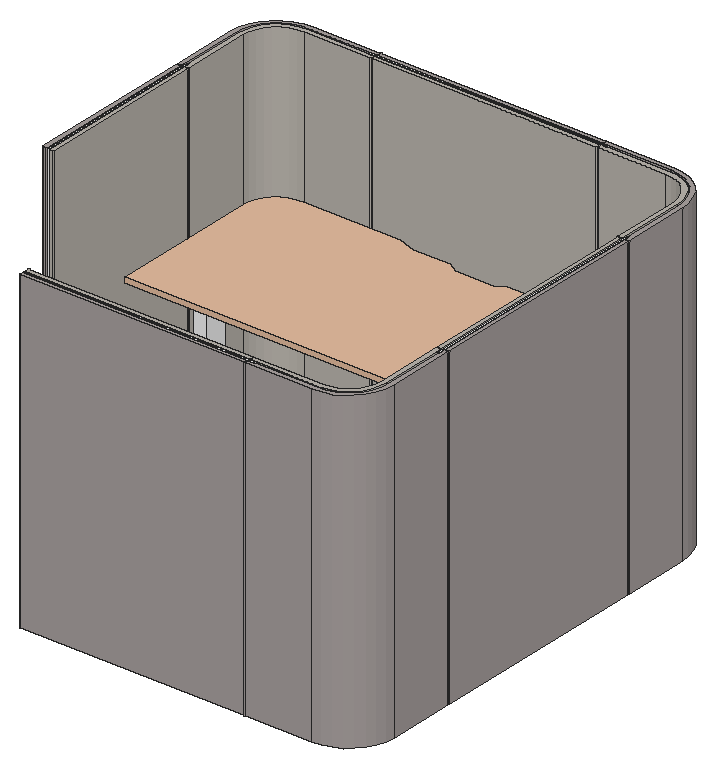
Revit family "NBS_Senator_MeetingPods_SoloExecLeftHand", category Furniture, Revit 2018
Family settings
  Work Plane-Based = No
  Always vertical = Yes
  Cut with Voids When Loaded = No
  Shared = No
  Room Calculation Point = No
Parameters (values of type "PDSE14L")
  WarrantyStartDate [instance] = "1900-12-31T23:59:59"
  WarrantyGuarantorParts = "contactus@thesenatorgroup.com"
  WarrantyGuarantorLabor = "n/a"
  WarrantyDurationUnit = "year"
  WarrantyDurationParts = "10"
  WarrantyDurationLabor = "n/a"
  WarrantyDescription = "Senator warrants that its manufactured products are free from manufacturing defects - in materials or workmanship - for a period of ten (10) years on Senator Seating ranges; and fifteen (15) years on Senator Desking ranges - exceptions are listed below. Senator will repair or replace (at Senator’s sole discretion) with comparable free of charge materials / components, any product / component, which fails under normal use in a single shift environment, as a result of a defect in the materials and / or workmanship"
  Version = "1"  # constant formula
  Uniclass2015Version = "Products v1.16"
  Uniclass2015Title = "Meeting Pods"
  Uniclass2015Code = "Pr_40_50_12_53"
  TagNumber [instance] = "n/a"
  SustainabilityPerformance = "99% recyclable"
  Style = "Pods"
  StorageTopMaterial = NBS_Senator_VirginWool_Wellington
  StorageMaterial = NBS_Senator_Wood_HighlandOak
  StorageDrawersMaterial = NBS_Senator_Wood_White
  Status = "UNSET"
  StaticWorksurfacePDSETL [instance] = yes
  Size = "2000 x 2000 x 1400 mm"
  Shape = "n/a"
  SerialNumber [instance] = "n/a"
  SeatWidth = "n/a"
  SeatDepth = "n/a"
  Revision = "n/a"
  ReplacementCost = "n/a"
  Reference = "n/a"
  ProductInformation = "n/a"
  PodWidth = 2000 mm
  PodHeight = 1400 mm
  PodDepth = 2000 mm
  InnerPanelMaterial = NBS_Senator_VirginWool_Fairfield
  OuterPanelMaterial = NBS_Senator_VirginWool_StAndrews
  NominalWidth = 1400 mm
  NominalLength = 2000 mm
  NominalHeight = 1400 mm
  NominalDepth = 2000 mm
  Name = "MeetingPods_SoloExecLeftHand_PDSE14L_Senator"
  NBSReference = "45-35-20/342"
  NBSDescription = "Meeting pods"
  NBSCertification = "www.nationalbimlibrary.com/cert/cqcncig3"
  ModelReference = "Pods-SoloExecLeftHand_PDSE14L"
  ModelNumber = "PDSE14L"
  Material = "Fabric, metal, plastic"
  ManufacturerURL = "www.senator.co.uk"
  ManufacturerName = "The Senator Group"  # constant formula
  Manufacturer = "sales@senator.co.uk"  # constant formula
  MainColor = "n/a"
  IsBuiltIn = no
  InstallationDate [instance] = "1900-12-31T23:59:59"
  MiddlePanelMaterial = NBS_Senator_Aluminium_Rigid_Silver
  IfcExportType = "USERDEFINED"  # constant formula
  IfcExportAs = "IfcFurnitureType"  # constant formula
  Grade = "n/a"
  FramesColour = "Black, white"
  FinishOptions = "Carini walnut, mocha, autumn, strata oak, maple, highland oak, beech, winter oak, hacienda white, white, light grey, denim, clay, lemon sorbet"
  Finish = "Outer vertical panels upholstered in camira, blazer fabric Two tone is standard"
  Features = "Internal frame with multi-layered acoustic foam, levelling adjusters, blazer fabric, outer vertical panels"
  FabricFinishOptions = "Plymouth, fairfield, latymer, lancaster, silcoates, silverdale, st andrews, trevelyan, ulster, wellington, wesley, manchester,"
  ExpectedLife = "10"
  ElectricHeightAdjustableWorksurfacePDSEAETL [instance] = not(StaticWorksurfacePDSETL)  # no
  DurationUnit = "year"
  DeskWidth = PodWidth - 105 mm  # 1895 mm
  DeskThickness = 0 mm
  DeskMaterial = NBS_Senator_Wood_HighlandOak_2
  DeskDepth = 800 mm
  Description = "arger single person workspace comprising seven mid height upholstered panels"
  Constituents = "n/a"
  Color = "n/a"
  CodePerformance = "n/a"
  Category = "Pr_40_50_12_53:Meeting pods"
  BarCode [instance] = "n/a"
  BIMObjectName = "NBS_Senator_MeetingPods_SoloExecLeftHand_PDSE14L"
  Author = "NBS"  # constant formula
  AssetType = "Fixed"
  AssetIdentifier [instance] = "n/a"
  Accessories = "Monitor arms, PU desk accessories, desk top accessories, CPU holders, electrical accessories, coat hanger, name plate, A2 dry wipe board with hanger, A3 dry wipe board with hanger"
  AccessibilityPerformance = "n/a"
Types (3, lengths in mm): name | Size | PodHeight | NominalWidth | NominalHeight | Name | ModelReference | ModelNumber | BIMObjectName
  (no name) | "2000 x 2000 x 1400 mm" | 1400 | 1400 | 1400 | "MeetingPods_SoloExecLeftHand_PDSE14L_Senator" | "Pods-SoloExecLeftHand_PDSE14L" | "PDSE14L" | "NBS_Senator_MeetingPods_SoloExecLeftHand_PDSE14L"
  PDSE14L | "2000 x 2000 x 1400 mm" | 1400 | 1400 | 1400 | "MeetingPods_SoloExecLeftHand_PDSE14L_Senator" | "Pods-SoloExecLeftHand_PDSE14L" | "PDSE14L" | "NBS_Senator_MeetingPods_SoloExecLeftHand_PDSE14L"
  PDSE18L | "2000 x 2000 x 1800 mm" | 1800 | 1800 | 1800 | "MeetingPods_SoloExecLeftHand_PDSE18L_Senator" | "Pods-SoloExecLeftHand_PDSE18L" | "PDSE18L" | "NBS_Senator_MeetingPods_SoloExecLeftHand_PDSE18L"
Reference planes
  plane 1 "Center (Front/Back)": y = 0
  plane 2 "Bottom": z = 0
  plane 3 "Center (Left/Right)": x = 0
  plane 4 "Right": x = 1000
  plane 5 "Left": x = -1000
  plane 6 "Back": y = 1000
  plane 7 "Front": y = -1000
  plane 8 "Top": z = 1400
  plane 9: y = -950
  plane 10: x = -950
  plane 11: x = 950
  plane 12: y = 950
  plane 13: y = -970
  plane 14: y = -980
  plane 15: x = 980
  plane 16: x = 970
  plane 17: y = 980
  plane 18: y = 970
  plane 19: x = -980
  plane 20: x = -970
  plane 21: x = -947.791
  plane 22: x = 947.208
  plane 23: x = 524.669
  plane 24: x = -497.703
  plane 25: y = -524.223
  plane 26: y = 524.223
  plane 27: x = 525.723
  plane 28: x = -525.723
  plane 29: y = 525.044
  plane 30: y = -247.356
  plane 31: y = 499.943
  plane 32: y = 498.943
  plane 33: x = -499.65
  plane 34: x = -500.65
  plane 35: x = 500.65
  plane 36: x = 499.65
  plane 37: y = 499.15
  plane 38: y = 498.15
  plane 39: y = -498.15
  plane 40: y = -499.15
  plane 41: x = 499.596
  plane 42: x = 498.596
  plane 43: y = 920.31
  plane 44: y = 895.865
  plane 45: z = 730
  plane 46: z = 705
  plane 47: y = 144.502
  plane 48: z = 617
  plane 49: z = 555
  plane 50: y = 118.551
  plane 51: y = -946.268
  plane 52 "Storage Front": x = 502.703
  plane 53: x = 942.703
  plane 54: y = 723.551
  plane 55: z = 43.16
  plane 56: z = 635.772
  plane 57: y = 547.251
Forms (mm)
  Extrusion 1, solid, material "NBS_Senator_Aluminium_Rigid_Silver" <- "MiddlePanelMaterial", detail levels medium+fine
    sketch origin (0, 0, 0) x (1, 0, 0) y (0, 1, 0)
      loop
        arc (-492.6, -970) -> (-497.6, -975) -> (-492.6, -980) r 5
        line (-492.6, -980) -> (524.669, -980) -> (524.669, -970) -> (-492.6, -970)
      loop
        line (970, 524.223) -> (970, -524.223) -> (980, -524.223) -> (980, 524.223) -> (970, 524.223)
      loop
        line (-525.723, 980) -> (-525.723, 970) -> (525.723, 970) -> (525.723, 980) -> (-525.723, 980)
      loop
        line (-980, 525.044) -> (-980, -242.328)
        arc (-980, -242.328) -> (-975, -247.328) -> (-970, -242.328) r 5
        line (-970, -242.328) -> (-970, 525.044) -> (-980, 525.044)
    from 0 to 1400
  Extrusion 2, solid, material "NBS_Senator_VirginWool_StAndrews" <- "OuterPanelMaterial", detail levels medium+fine
    sketch origin (0, 0, 0) x (1, 0, 0) y (0, 1, 0)
      loop
        arc (-494.65, 1000) -> (-498.185, 998.536) -> (-499.65, 995) r 5
        line (-499.65, 995) -> (-499.65, 985)
        arc (-499.65, 985) -> (-498.185, 981.464) -> (-494.65, 980) r 5
        line (-494.65, 980) -> (494.65, 980)
        arc (494.65, 980) -> (498.185, 981.464) -> (499.65, 985) r 5
        line (499.65, 985) -> (499.65, 995)
        arc (499.65, 995) -> (498.185, 998.536) -> (494.65, 1000) r 5
        line (494.65, 1000) -> (-494.65, 1000)
    from 0 to 1400
  Extrusion 3, solid, material "NBS_Senator_VirginWool_Fairfield" <- "InnerPanelMaterial", detail levels medium+fine
    sketch origin (0, 0, 0) x (1, 0, 0) y (0, 1, 0)
      loop
        arc (-494.65, 970) -> (-498.185, 968.536) -> (-499.65, 965) r 5
        line (-499.65, 965) -> (-499.65, 955)
        arc (-499.65, 955) -> (-498.185, 951.464) -> (-494.65, 950) r 5
        line (-494.65, 950) -> (494.65, 950)
        arc (494.65, 950) -> (498.185, 951.464) -> (499.65, 955) r 5
        line (499.65, 955) -> (499.65, 965)
        arc (499.65, 965) -> (498.185, 968.536) -> (494.65, 970) r 5
        line (494.65, 970) -> (-494.65, 970)
    from 0 to 1400
  Extrusion 4, solid, material "NBS_Senator_VirginWool_Fairfield" <- "InnerPanelMaterial", detail levels medium+fine
    sketch origin (0, 0, 0) x (1, 0, 0) y (0, 1, 0)
      loop
        arc (-965, 498.943) -> (-968.536, 497.479) -> (-970, 493.943) r 5
        line (-970, 493.943) -> (-970, -242.356)
        arc (-970, -242.356) -> (-968.536, -245.892) -> (-965, -247.356) r 5
        line (-965, -247.356) -> (-955, -247.356)
        arc (-955, -247.356) -> (-951.464, -245.892) -> (-950, -242.356) r 5
        line (-950, -242.356) -> (-950, 493.943)
        arc (-950, 493.943) -> (-951.464, 497.479) -> (-955, 498.943) r 5
        line (-955, 498.943) -> (-965, 498.943)
    from 0 to 1400
  Extrusion 5, solid, material "NBS_Senator_VirginWool_Fairfield" <- "InnerPanelMaterial", detail levels medium+fine
    sketch origin (0, 0, 0) x (1, 0, 0) y (0, 1, 0)
      loop
        line (-505.65, 970) -> (-805, 970)
        arc (-805, 970) -> (-921.673, 921.673) -> (-970, 805) r 165
        line (-970, 805) -> (-970, 504.943)
        arc (-970, 504.943) -> (-968.536, 501.408) -> (-965, 499.943) r 5
        line (-965, 499.943) -> (-955, 499.943)
        arc (-955, 499.943) -> (-951.464, 501.408) -> (-950, 504.943) r 5
        line (-950, 504.943) -> (-950, 800)
        arc (-950, 800) -> (-906.066, 906.066) -> (-800, 950) r 150
        line (-800, 950) -> (-505.65, 950)
        arc (-505.65, 950) -> (-502.114, 951.464) -> (-500.65, 955) r 5
        line (-500.65, 955) -> (-500.65, 965)
        arc (-500.65, 965) -> (-502.114, 968.536) -> (-505.65, 970) r 5
    from 0 to 1400
  Extrusion 6, solid, material "NBS_Senator_VirginWool_Fairfield" <- "InnerPanelMaterial", detail levels medium+fine
    sketch origin (0, 0, 0) x (1, 0, 0) y (0, 1, 0)
      loop
        line (955, 499.15) -> (965, 499.15)
        arc (965, 499.15) -> (968.536, 500.614) -> (970, 504.15) r 5
        line (970, 504.15) -> (970, 805)
        arc (970, 805) -> (921.673, 921.673) -> (805, 970) r 165
        line (805, 970) -> (505.65, 970)
        arc (505.65, 970) -> (502.114, 968.536) -> (500.65, 965) r 5
        line (500.65, 965) -> (500.65, 955)
        arc (500.65, 955) -> (502.114, 951.464) -> (505.65, 950) r 5
        line (505.65, 950) -> (800, 950)
        arc (800, 950) -> (906.066, 906.066) -> (950, 800) r 150
        line (950, 800) -> (950, 504.15)
        arc (950, 504.15) -> (951.464, 500.614) -> (955, 499.15) r 5
    from 0 to 1400
  Extrusion 7, solid, material "NBS_Senator_VirginWool_Fairfield" <- "InnerPanelMaterial", detail levels medium+fine
    sketch origin (0, 0, 0) x (1, 0, 0) y (0, 1, 0)
      loop
        arc (955, 498.15) -> (951.464, 496.685) -> (950, 493.15) r 5
        line (950, 493.15) -> (950, -493.15)
        arc (950, -493.15) -> (951.464, -496.686) -> (955, -498.15) r 5
        line (955, -498.15) -> (965, -498.15)
        arc (965, -498.15) -> (968.536, -496.686) -> (970, -493.15) r 5
        line (970, -493.15) -> (970, 493.15)
        arc (970, 493.15) -> (968.536, 496.685) -> (965, 498.15) r 5
        line (965, 498.15) -> (955, 498.15)
    from 0 to 1400
  Extrusion 8, solid, material "NBS_Senator_VirginWool_Fairfield" <- "InnerPanelMaterial", detail levels medium+fine
    sketch origin (0, 0, 0) x (1, 0, 0) y (0, 1, 0)
      loop
        arc (504.596, -950) -> (501.061, -951.464) -> (499.596, -955) r 5
        line (499.596, -955) -> (499.596, -965)
        arc (499.596, -965) -> (501.061, -968.536) -> (504.596, -970) r 5
        line (504.596, -970) -> (805, -970)
        arc (805, -970) -> (921.673, -921.673) -> (970, -805) r 165
        line (970, -805) -> (970, -504.15)
        arc (970, -504.15) -> (968.536, -500.615) -> (965, -499.15) r 5
        line (965, -499.15) -> (955, -499.15)
        arc (955, -499.15) -> (951.464, -500.615) -> (950, -504.15) r 5
        line (950, -504.15) -> (950, -800)
        arc (950, -800) -> (906.066, -906.066) -> (800, -950) r 150
        line (800, -950) -> (504.596, -950)
    from 0 to 1400
  Extrusion 9, solid, material "NBS_Senator_VirginWool_StAndrews" <- "OuterPanelMaterial", detail levels medium+fine
    sketch origin (-30, 0, 0) x (1, 0, 0) y (0, 1, 0)
      loop
        arc (-965, 498.943) -> (-968.536, 497.479) -> (-970, 493.943) r 5
        line (-970, 493.943) -> (-970, -242.356)
        arc (-970, -242.356) -> (-968.536, -245.892) -> (-965, -247.356) r 5
        line (-965, -247.356) -> (-955, -247.356)
        arc (-955, -247.356) -> (-951.464, -245.892) -> (-950, -242.356) r 5
        line (-950, -242.356) -> (-950, 493.943)
        arc (-950, 493.943) -> (-951.464, 497.479) -> (-955, 498.943) r 5
        line (-955, 498.943) -> (-965, 498.943)
    from 0 to 1400
  Extrusion 10, solid, material "NBS_Senator_VirginWool_StAndrews" <- "OuterPanelMaterial", detail levels medium+fine
    sketch origin (0, 0, 0) x (1, 0, 0) y (0, 1, 0)
      loop
        line (-995, 499.943) -> (-985, 499.943)
        arc (-985, 499.943) -> (-981.464, 501.408) -> (-980, 504.943) r 5
        line (-980, 504.943) -> (-980, 800)
        arc (-980, 800) -> (-927.279, 927.279) -> (-800, 980) r 180
        line (-800, 980) -> (-505.65, 980)
        arc (-505.65, 980) -> (-502.114, 981.464) -> (-500.65, 985) r 5
        line (-500.65, 985) -> (-500.65, 995)
        arc (-500.65, 995) -> (-502.114, 998.536) -> (-505.65, 1000) r 5
        line (-505.65, 1000) -> (-798, 1000)
        arc (-798, 1000) -> (-940.836, 940.836) -> (-1000, 798) r 202
        line (-1000, 798) -> (-1000, 504.943)
        arc (-1000, 504.943) -> (-998.536, 501.408) -> (-995, 499.943) r 5
    from 0 to 1400
  Extrusion 11, solid, material "NBS_Senator_VirginWool_StAndrews" <- "OuterPanelMaterial", detail levels medium+fine
    sketch origin (0, 0, 0) x (1, 0, 0) y (0, 1, 0)
      loop
        arc (505.65, 1000) -> (502.114, 998.536) -> (500.65, 995) r 5
        line (500.65, 995) -> (500.65, 985)
        arc (500.65, 985) -> (502.114, 981.464) -> (505.65, 980) r 5
        line (505.65, 980) -> (800, 980)
        arc (800, 980) -> (927.279, 927.279) -> (980, 800) r 180
        line (980, 800) -> (980, 504.15)
        arc (980, 504.15) -> (981.464, 500.614) -> (985, 499.15) r 5
        line (985, 499.15) -> (995, 499.15)
        arc (995, 499.15) -> (998.536, 500.614) -> (1000, 504.15) r 5
        line (1000, 504.15) -> (1000, 798)
        arc (1000, 798) -> (940.836, 940.836) -> (798, 1000) r 202
        line (798, 1000) -> (505.65, 1000)
    from 0 to 1400
  Extrusion 12, solid, material "NBS_Senator_VirginWool_StAndrews" <- "OuterPanelMaterial", detail levels medium+fine
    sketch origin (33.932, 0, 0) x (1, 0, 0) y (0, 1, 0)
      loop
        arc (950.275, 498.15) -> (947.3, 496.918) -> (946.068, 493.943) r 4.207
        line (946.068, 493.943) -> (946.068, -493.15)
        arc (946.068, -493.15) -> (947.533, -496.686) -> (951.068, -498.15) r 5
        line (951.068, -498.15) -> (961.068, -498.15)
        arc (961.068, -498.15) -> (964.604, -496.686) -> (966.068, -493.15) r 5
        line (966.068, -493.15) -> (966.068, 493.15)
        arc (966.068, 493.15) -> (964.604, 496.685) -> (961.068, 498.15) r 5
        line (961.068, 498.15) -> (950.275, 498.15)
    from 0 to 1400
  Extrusion 13, solid, material "NBS_Senator_VirginWool_StAndrews" <- "OuterPanelMaterial", detail levels medium+fine
    sketch origin (0, 0, 0) x (1, 0, 0) y (0, 1, 0)
      loop
        arc (985, -499.15) -> (981.464, -500.615) -> (980, -504.15) r 5
        line (980, -504.15) -> (980, -800)
        arc (980, -800) -> (927.279, -927.279) -> (800, -980) r 180
        line (800, -980) -> (504.596, -980)
        arc (504.596, -980) -> (501.061, -981.464) -> (499.596, -985) r 5
        line (499.596, -985) -> (499.596, -995)
        arc (499.596, -995) -> (501.061, -998.536) -> (504.596, -1000) r 5
        line (504.596, -1000) -> (798, -1000)
        arc (798, -1000) -> (940.836, -940.836) -> (1000, -798) r 202
        line (1000, -798) -> (1000, -504.15)
        arc (1000, -504.15) -> (998.536, -500.615) -> (995, -499.15) r 5
        line (995, -499.15) -> (985, -499.15)
    from 0 to 1400
  Extrusion 14, solid, material "NBS_Senator_VirginWool_Fairfield" <- "InnerPanelMaterial", detail levels medium+fine
    sketch origin (0, 0, 0) x (1, 0, 0) y (0, 1, 0)
      loop
        arc (-492.703, -950) -> (-496.239, -951.464) -> (-497.703, -955) r 5
        line (-497.703, -955) -> (-497.703, -965)
        arc (-497.703, -965) -> (-496.239, -968.536) -> (-492.703, -970) r 5
        line (-492.703, -970) -> (493.596, -970)
        arc (493.596, -970) -> (497.132, -968.536) -> (498.596, -965) r 5
        line (498.596, -965) -> (498.596, -955)
        arc (498.596, -955) -> (497.132, -951.464) -> (493.596, -950) r 5
        line (493.596, -950) -> (-492.703, -950)
    from 0 to 1400
  Extrusion 15, solid, material "NBS_Senator_VirginWool_StAndrews" <- "OuterPanelMaterial", detail levels medium+fine
    sketch origin (0, 0, 0) x (1, 0, 0) y (0, 1, 0)
      loop
        arc (-492.703, -980) -> (-496.239, -981.464) -> (-497.703, -985) r 5
        line (-497.703, -985) -> (-497.703, -995)
        arc (-497.703, -995) -> (-496.239, -998.536) -> (-492.703, -1000) r 5
        line (-492.703, -1000) -> (493.596, -1000)
        arc (493.596, -1000) -> (497.132, -998.536) -> (498.596, -995) r 5
        line (498.596, -995) -> (498.596, -985)
        arc (498.596, -985) -> (497.132, -981.464) -> (493.596, -980) r 5
        line (493.596, -980) -> (-492.703, -980)
    from 0 to 1400
  Extrusion 16, solid, material "NBS_Senator_VirginWool_StAndrews" <- "OuterPanelMaterial", detail levels coarse
    sketch origin (0, 0, 0) x (1, 0, 0) y (0, 1, 0)
      loop
        line (-1000, -247.356) -> (-950, -247.356) -> (-950, 800)
        arc (-950, 800) -> (-906.066, 906.066) -> (-800, 950) r 150
        line (-800, 950) -> (800, 950)
        arc (800, 950) -> (906.066, 906.066) -> (950, 800) r 150
        line (950, 800) -> (950, -800)
        arc (950, -800) -> (906.066, -906.066) -> (800, -950) r 150
        line (800, -950) -> (-497.703, -950) -> (-497.703, -1000) -> (798, -1000)
        arc (798, -1000) -> (940.836, -940.836) -> (1000, -798) r 202
        line (1000, -798) -> (1000, 798)
        arc (1000, 798) -> (940.836, 940.836) -> (798, 1000) r 202
        line (798, 1000) -> (-798, 1000)
        arc (-798, 1000) -> (-940.836, 940.836) -> (-1000, 798) r 202
        line (-1000, 798) -> (-1000, -247.356)
    from 0 to 1400
Lines and regions (mm)
  reference lines
    curve 1: line (916.015, 547.251, 730) -> (916.015, 547.251, 635.772)
Dimensions and locks
  "PodWidth": plane 5 "Left" to plane 4 "Right"
  "PodDepth": plane 7 "Front" to plane 6 "Back"
  equal spacing: plane 5 "Left", plane 3 "Center (Left/Right)", plane 4 "Right"
  "PodHeight": plane 8 "Top" to plane 2 "Bottom"
  plane 5 "Left" to plane 19 to plane 20 to plane 10 to plane 21 = 20 mm locked, 10 mm locked, 20 mm locked, 2.209 mm locked
  plane 22 to plane 11 to plane 16 to plane 15 to plane 4 "Right" = 2.792 mm locked, 20 mm locked, 10 mm locked, 20 mm locked
  plane 12 to plane 18 to plane 17 to plane 6 "Back" = 20 mm locked, 10 mm locked, 20 mm locked
  plane 7 "Front" to plane 14 to plane 13 to plane 9 = 20 mm locked, 10 mm locked, 20 mm locked
  plane 45 to plane 2 "Bottom" = 730 mm
  locked: plane 34 to plane 33 at 1
  locked: plane 28 to plane 34 at 25.073
  locked: plane 5 "Left" to plane 33 at 500.35
  locked: plane 36 to plane 35 at 1
  locked: plane 35 to plane 27 at 25.073
  locked: plane 36 to plane 4 "Right" at 500.35
  plane 45 to plane 46 = 25 mm
  equal spacing: plane 12, plane 57, plane 47
  radius of Extrusion 2 sketch curve = 5 mm  (x4)
  radius of Extrusion 3 sketch curve = 5 mm  (x2)
  radius of Extrusion 5 sketch curve = 150 mm
  radius of Extrusion 5 sketch curve = 165 mm
  radius of Extrusion 5 sketch curve = 5 mm  (x2)
  radius of Extrusion 6 sketch curve = 165 mm
  radius of Extrusion 6 sketch curve = 150 mm
  radius of Extrusion 6 sketch curve = 5 mm  (x2)
  radius of Extrusion 10 sketch curve = 180 mm
  radius of Extrusion 10 sketch curve = 202 mm
  radius of Extrusion 10 sketch curve = 5 mm  (x4)
  radius of Extrusion 11 sketch curve = 180 mm
  radius of Extrusion 11 sketch curve = 202 mm
  radius of Extrusion 11 sketch curve = 5 mm  (x4)
  radius of Extrusion 13 sketch curve = 180 mm
  radius of Extrusion 13 sketch curve = 202 mm
  radius of Extrusion 13 sketch curve = 5 mm  (x4)
  radius of Extrusion 14 sketch curve = 5 mm  (x4)
  radius of Extrusion 15 sketch curve = 5 mm  (x4)
  radius of Extrusion 16 sketch curve = 150 mm  (x3)
  radius of Extrusion 16 sketch curve = 202 mm  (x3)
  aligned and locked: level to plane 2 "Bottom"
  aligned and locked: plane 23 to Extrusion 1 sketch curve
  aligned and locked: plane 13 to Extrusion 1 sketch curve
  aligned and locked: Extrusion 1 sketch curve to plane 14
  aligned and locked: plane 25 to Extrusion 1 sketch curve
  aligned and locked: plane 16 to Extrusion 1 sketch curve
  aligned and locked: Extrusion 1 sketch curve to plane 15
  aligned and locked: Extrusion 1 sketch curve to plane 26
  aligned and locked: plane 27 to Extrusion 1 sketch curve
  aligned and locked: plane 17 to Extrusion 1 sketch curve
  aligned and locked: Extrusion 1 sketch curve to plane 18
  aligned and locked: Extrusion 1 sketch curve to plane 28
  aligned and locked: Extrusion 1 sketch curve to plane 20
  aligned and locked: plane 19 to Extrusion 1 sketch curve
  aligned and locked: Extrusion 1 sketch curve to plane 29
  aligned and locked: Extrusion 1 to plane 2 "Bottom"
  aligned and locked: plane 8 "Top" to Extrusion 1
  aligned and locked: plane 36 to Extrusion 2 sketch curve
  aligned and locked: plane 6 "Back" to Extrusion 2 sketch curve
  aligned and locked: Extrusion 2 sketch curve to plane 17
  aligned and locked: Extrusion 2 sketch curve to plane 33
  aligned and locked: Extrusion 3 to plane 36
  aligned and locked: plane 33 to Extrusion 3
  aligned and locked: Extrusion 4 sketch curve to plane 10
  aligned and locked: plane 30 to Extrusion 4 sketch curve
  aligned and locked: plane 20 to Extrusion 4 sketch curve
  aligned and locked: Extrusion 4 sketch curve to plane 32
  aligned and locked: Extrusion 4 to plane 2 "Bottom"
  aligned and locked: plane 8 "Top" to Extrusion 4
  aligned and locked: Extrusion 5 sketch curve to plane 10
  aligned and locked: plane 31 to Extrusion 5 sketch curve
  aligned and locked: plane 20 to Extrusion 5 sketch curve
  aligned and locked: plane 12 to Extrusion 5 sketch curve
  aligned and locked: Extrusion 5 sketch curve to plane 18
  aligned and locked: Extrusion 5 sketch curve to plane 34
  aligned and locked: plane 8 "Top" to Extrusion 5
  aligned and locked: Extrusion 5 to plane 2 "Bottom"
  aligned and locked: Extrusion 2 to plane 2 "Bottom"
  aligned and locked: plane 8 "Top" to Extrusion 2
  aligned and locked: Extrusion 3 sketch curve to plane 12
  aligned and locked: Extrusion 3 to plane 18
  aligned and locked: plane 18 to Extrusion 3 sketch curve
  aligned and locked: Extrusion 3 sketch curve to plane 33
  aligned and locked: plane 36 to Extrusion 3 sketch curve
  aligned and locked: Extrusion 6 sketch curve to plane 35
  aligned and locked: Extrusion 6 sketch curve to plane 12
  aligned and locked: plane 18 to Extrusion 6 sketch curve
  aligned and locked: Extrusion 6 sketch curve to plane 37
  aligned and locked: Extrusion 6 sketch curve to plane 11
  aligned and locked: plane 16 to Extrusion 6 sketch curve
  aligned and locked: Extrusion 6 to plane 2 "Bottom"
  aligned and locked: plane 8 "Top" to Extrusion 6
  aligned and locked: Extrusion 7 sketch curve to plane 38
  aligned and locked: plane 11 to Extrusion 7 sketch curve
  aligned and locked: Extrusion 7 sketch curve to plane 16
  aligned and locked: plane 39 to Extrusion 7 sketch curve
  aligned and locked: Extrusion 7 to plane 2 "Bottom"
  aligned and locked: plane 8 "Top" to Extrusion 7
  aligned and locked: Extrusion 8 sketch curve to plane 40
  aligned and locked: plane 11 to Extrusion 8 sketch curve
  aligned and locked: Extrusion 8 sketch curve to plane 16
  aligned and locked: plane 9 to Extrusion 8 sketch curve
  aligned and locked: Extrusion 8 sketch curve to plane 13
  aligned and locked: Extrusion 8 sketch curve to plane 41
  aligned and locked: Extrusion 8 to plane 2 "Bottom"
  aligned and locked: plane 8 "Top" to Extrusion 8
  aligned and locked: plane 30 to Extrusion 9 sketch curve
  aligned and locked: plane 5 "Left" to Extrusion 9 sketch curve
  aligned and locked: Extrusion 9 sketch curve to plane 19
  aligned and locked: Extrusion 9 sketch curve to plane 32
  aligned and locked: Extrusion 10 sketch curve to plane 31
  aligned and locked: plane 19 to Extrusion 10 sketch curve
  aligned and locked: Extrusion 10 sketch curve to plane 5 "Left"
  aligned and locked: plane 6 "Back" to Extrusion 10 sketch curve
  aligned and locked: Extrusion 10 sketch curve to plane 17
  aligned and locked: plane 34 to Extrusion 10 sketch curve
  aligned and locked: Extrusion 10 to plane 2 "Bottom"
  aligned and locked: plane 8 "Top" to Extrusion 10
  aligned and locked: plane 15 to Extrusion 11 sketch curve
  aligned and locked: plane 37 to Extrusion 11 sketch curve
  aligned and locked: Extrusion 11 sketch curve to plane 4 "Right"
  aligned and locked: Extrusion 11 sketch curve to plane 17
  aligned and locked: Extrusion 11 sketch curve to plane 35
  aligned and locked: plane 6 "Back" to Extrusion 11 sketch curve
  aligned and locked: Extrusion 12 sketch curve to plane 4 "Right"
  aligned and locked: plane 39 to Extrusion 12 sketch curve
  aligned and locked: plane 15 to Extrusion 12 sketch curve
  aligned and locked: Extrusion 12 sketch curve to plane 38
  aligned and locked: plane 8 "Top" to Extrusion 12
  aligned and locked: Extrusion 12 to plane 2 "Bottom"
  aligned and locked: plane 15 to Extrusion 13 sketch curve
  aligned and locked: Extrusion 13 sketch curve to plane 4 "Right"
  aligned and locked: Extrusion 13 sketch curve to plane 40
  aligned and locked: Extrusion 13 sketch curve to plane 41
  aligned and locked: Extrusion 13 sketch curve to plane 7 "Front"
  aligned and locked: plane 14 to Extrusion 13 sketch curve
  aligned and locked: Extrusion 13 to plane 2 "Bottom"
  aligned and locked: plane 8 "Top" to Extrusion 13
  aligned and locked: plane 9 to Extrusion 14 sketch curve
  aligned and locked: plane 24 to Extrusion 14 sketch curve
  aligned and locked: plane 42 to Extrusion 14 sketch curve
  aligned and locked: Extrusion 14 sketch curve to plane 13
  aligned and locked: Extrusion 14 to plane 2 "Bottom"
  aligned and locked: plane 8 "Top" to Extrusion 14
  aligned and locked: plane 14 to Extrusion 15 sketch curve
  aligned and locked: plane 24 to Extrusion 15 sketch curve
  aligned and locked: Extrusion 15 sketch curve to plane 7 "Front"
  aligned and locked: plane 42 to Extrusion 15 sketch curve
  aligned and locked: Extrusion 15 to plane 2 "Bottom"
  aligned and locked: plane 8 "Top" to Extrusion 15
  aligned and locked: plane 8 "Top" to Extrusion 3
  aligned and locked: Extrusion 3 to plane 2 "Bottom"
  aligned and locked: plane 8 "Top" to Extrusion 11
  aligned and locked: Extrusion 11 to plane 2 "Bottom"
  aligned and locked: Extrusion 9 to plane 2 "Bottom"
  aligned and locked: plane 8 "Top" to Extrusion 9
  aligned and locked: plane 24 to Extrusion 16 sketch curve
  aligned and locked: Extrusion 16 sketch curve to plane 7 "Front"
  aligned and locked: plane 9 to Extrusion 16 sketch curve
  aligned and locked: Extrusion 16 sketch curve to plane 4 "Right"
  aligned and locked: plane 11 to Extrusion 16 sketch curve
  aligned and locked: plane 6 "Back" to Extrusion 16 sketch curve
  aligned and locked: Extrusion 16 sketch curve to plane 12
  aligned and locked: Extrusion 16 sketch curve to plane 10
  aligned and locked: plane 5 "Left" to Extrusion 16 sketch curve
  aligned and locked: plane 30 to Extrusion 16 sketch curve
  aligned and locked: Extrusion 16 to plane 2 "Bottom"
  aligned and locked: plane 8 "Top" to Extrusion 16
  aligned and locked: plane 45 to curve 1
  aligned and locked: plane 56 to curve 1
Automatic sketch dimensions
  plane 24 to Extrusion 1 sketch curve = 5.103 mm
  plane 30 to Extrusion 1 sketch curve = 5.028 mm
  plane 6 "Back" to Extrusion 2 sketch curve = 5 mm
  plane 20 to Extrusion 4 sketch curve = 5 mm
  Extrusion 4 sketch curve to Extrusion 4 sketch curve = 5 mm
  Extrusion 4 sketch curve to plane 10 = 5 mm  (x2)
  Extrusion 5 sketch curve to Extrusion 5 sketch curve = 5 mm
  Extrusion 5 sketch curve to plane 10 = 5 mm
  plane 11 to Extrusion 6 sketch curve = 5 mm
  Extrusion 6 sketch curve to Extrusion 6 sketch curve = 5 mm
  plane 11 to Extrusion 7 sketch curve = 5 mm  (x2)
  Extrusion 7 sketch curve to plane 16 = 5 mm
  Extrusion 7 sketch curve to Extrusion 7 sketch curve = 5 mm
  plane 9 to Extrusion 8 sketch curve = 5 mm
  Extrusion 8 sketch curve to plane 13 = 5 mm
  plane 22 to Extrusion 8 sketch curve = 147.208 mm
  Extrusion 8 sketch curve to Extrusion 8 sketch curve = 5 mm  (x2)
  plane 11 to Extrusion 8 sketch curve = 5 mm
  plane 5 "Left" to Extrusion 9 sketch curve = 5 mm
  Extrusion 9 sketch curve to Extrusion 9 sketch curve = 5 mm
  Extrusion 9 sketch curve to plane 19 = 5 mm  (x2)
  Extrusion 12 sketch curve to Extrusion 12 sketch curve = 5 mm
  Extrusion 12 sketch curve to plane 32 = 5 mm
  Extrusion 12 sketch curve to plane 4 "Right" = 5 mm  (x2)
  plane 24 to Extrusion 3 sketch curve = 3.053 mm
  plane 42 to Extrusion 3 sketch curve = 3.946 mm
  plane 53 to curve 1 = 26.688 mm
Nested families
  nested 1: "NBS_Senator_ExecutiveWorksurfaceWithIntegratedStorage" at (0, 0, 0), type "NBS_Senator_ExecutiveWorksurfaceWithIntegratedStorage"
Connectors
  electrical at (916.015, 547.251, 635.772)
    settings: on curve 1, index 1, voltage 0 V, apparent load 0 VA, apparent load phase1 0 VA, apparent load phase2 0 VA, apparent load phase3 0 VA, power factor 1, load classification "Other", number of poles 1, system type 31, power factor state 1, is connector primary yes, connector utility no, sub classification motor no, connector description ""
Definition of nested family "NBS_Senator_ExecutiveWorksurfaceWithIntegratedStorage"
  Parameters (values of type "NBS_Senator_ExecutiveWorksurfaceWithIntegratedStorage")
    WorksurfaceHeight = 729.987 mm
    WorksurfaceDepth = 1890.77 mm
    StorageTopMaterial = none
    StorageMaterial = none
    StorageDrawersMaterial = none
    WorksurfaceWidth = 1895 mm
    DeskStructureMaterial = none
    DeskMaterial = none
  Reference planes
    plane 1 "Center (Front/Back)": y = 0
    plane 2 "Bottom": z = 0
    plane 3 "Center (Left/Right)": x = 0
    plane 4: z = 11.487
    plane 5: z = 50.147
    plane 6: z = 613.237
    plane 7: z = 650.354
    plane 8: z = 657.987
    plane 9: z = 704.987
    plane 10 "Top": z = 729.987
    plane 11: y = 607.644
    plane 12: y = 582.444
    plane 13: y = 471.812
    plane 14: y = 446.612
    plane 15: x = -919.985
    plane 16: x = 916.015
    plane 17: z = 667.207
    plane 18: z = 642.759
    plane 19: x = -619.11
    plane 20: x = -613.11
    plane 21: x = -577.86
    plane 22: x = -571.86
    plane 23: x = 567.89
    plane 24: x = 573.89
    plane 25: x = 609.14
    plane 26: x = 615.14
    plane 27 "Left": x = -947.5
    plane 28 "Right": x = 947.5
    plane 29 "Back": y = 950.563
    plane 30 "Front": y = -940.207
    plane 31 "StorageFace": x = 502.703
    plane 32: z = 555
    plane 33: y = 705.551
    plane 34: y = -20.449
    plane 35: z = 263.982
    plane 36: z = 22.309
    plane 37: y = 705.551
    plane 38: z = 530.673
    plane 39: y = -781.949
    plane 40: z = 22.309
    plane 41: y = -22.949
    plane 42: y = 723.551
  Forms (mm)
    Extrusion 1, solid, material <- "DeskStructureMaterial"
      sketch origin (0, 0, 0) x (1, 0, 0) y (0, 1, 0)
        loop
          line (-918.857, 155.1) -> (-846.935, 155.1) -> (-846.935, 925.2) -> (-918.857, 925.2) -> (-918.857, 155.1)
      from 11.487 to 50.147
    Extrusion 2, solid, material <- "DeskStructureMaterial", detail levels fine
      sketch origin (0, 0, 0) x (1, 0, 0) y (0, 1, 0)
        loop
          line (-850.485, 577.128) -> (-910.485, 577.128) -> (-910.485, 477.127) -> (-850.485, 477.127) -> (-850.485, 577.128)
      from 50.147 to 613.237
    Extrusion 3, solid, material <- "DeskStructureMaterial"
      sketch origin (0, 0, 0) x (1, 0, 0) y (0, 1, 0)
        loop
          circle (-881.858, 194.637) r 25
        loop
          circle (-881.858, 884.637) r 25
      from 0 to 11.487
    Extrusion 4, solid, material <- "DeskStructureMaterial", detail levels fine
      sketch origin (0, 0, 0) x (1, 0, 0) y (0, 1, 0)
        loop
          line (-900.485, 567.128) -> (-900.485, 487.128) -> (-860.485, 487.128) -> (-860.485, 567.128) -> (-900.485, 567.128)
      from 613.237 to 650.354
    Extrusion 5, solid, material <- "DeskStructureMaterial", detail levels fine
      sketch origin (0, 0, 0) x (1, 0, 0) y (0, 1, 0)
        loop
          line (-865.629, 491.869) -> (-865.629, 562.386) -> (-895.341, 562.386) -> (-895.341, 491.869) -> (-865.629, 491.869)
      from 650.354 to 657.987
    Extrusion 6, solid, material <- "DeskStructureMaterial", detail levels fine
      sketch origin (0, 0, 0) x (1, 0, 0) y (0, 1, 0)
        loop
          line (-730.485, 472.128) -> (-730.485, 582.127) -> (-916.485, 582.127) -> (-916.485, 472.128) -> (-730.485, 472.128)
      from 657.987 to 704.987
    Extrusion 7, solid, material <- "StorageTopMaterial", detail levels medium+fine
      sketch origin (0, 0, 0) x (1, 0, 0) y (0, 1, 0)
        loop
          line (502.703, 118.551) -> (502.703, -940.207) -> (797.5, -940.207)
          arc (797.5, -940.207) -> (903.566, -896.273) -> (947.5, -790.207) r 150
          line (947.5, -790.207) -> (947.5, 118.551) -> (502.703, 118.551)
      from 555 to 617
    Extrusion 8, solid, material <- "StorageDrawersMaterial", detail levels fine
      sketch origin (0, 0, 0) x (0, 1, 0) y (0, 0, 1)
        loop
          line (-22.949, 530.673) -> (-781.949, 530.673) -> (-781.949, 361.513) -> (-22.949, 361.513) -> (-22.949, 530.673)
        loop
          line (-22.949, 361.276) -> (-781.949, 361.276) -> (-781.949, 22.309) -> (-22.949, 22.309) -> (-22.949, 361.276)
      from 502.703 to 856.015
    Extrusion 9, solid, material <- "DeskStructureMaterial", detail levels fine
      sketch origin (0, 0, 0) x (1, 0, 0) y (0, 1, 0)
        loop
          line (-919.985, 607.644) -> (-919.985, 582.444) -> (916.015, 582.444) -> (916.015, 607.644) -> (-919.985, 607.644)
        loop
          line (-919.985, 471.812) -> (-919.985, 446.612) -> (916.015, 446.612) -> (916.015, 471.812) -> (-919.985, 471.812)
      from 667.207 to 704.987
    Extrusion 10, solid, material <- "DeskStructureMaterial", detail levels fine
      sketch origin (-4.907, 0, 0) x (-1, 0, 0) y (0, -1, 0)
        loop
          line (-905.127, -567.128) -> (-855.058, -567.128) -> (-855.058, -487.128) -> (-905.127, -487.128) -> (-905.127, -567.128)
      from 642.759 to 650.354
    Extrusion 11, solid, material <- "DeskStructureMaterial", detail levels fine
      sketch origin (-4.907, 0, 0) x (-1, 0, 0) y (0, -1, 0)
        loop
          line (-865.629, -491.869) -> (-895.341, -491.869) -> (-895.341, -562.386) -> (-865.629, -562.386) -> (-865.629, -491.869)
      from 650.354 to 657.987
    Extrusion 12, solid, material <- "DeskStructureMaterial", detail levels fine
      sketch origin (-4.907, 0, 0) x (-1, 0, 0) y (0, -1, 0)
        loop
          line (-730.485, -472.128) -> (-916.485, -472.128) -> (-916.485, -582.127) -> (-730.485, -582.127) -> (-730.485, -472.128)
      from 657.987 to 704.987
    Extrusion 13, solid, material <- "DeskStructureMaterial", detail levels fine
      sketch origin (-5.285, 0, 0) x (-1, 0, 0) y (0, -1, 0)
        loop
          line (-850.485, -577.128) -> (-850.485, -477.127) -> (-910.485, -477.127) -> (-910.485, -577.128) -> (-850.485, -577.128)
      from 555 to 642.759
    Extrusion 14, solid, material <- "DeskStructureMaterial", detail levels fine
      sketch origin (0, -2.448, 0) x (0, 1, 0) y (0, 0, 1)
        loop
          line (221.866, 680.957) -> (810.792, 680.957) -> (861.066, 704.987) -> (171.592, 704.987) -> (221.866, 680.957)
      from -619.11 to -613.11
    Extrusion 15, solid, material <- "DeskStructureMaterial", detail levels fine
      sketch origin (41.25, -2.448, 0) x (0, 1, 0) y (0, 0, 1)
        loop
          line (221.866, 680.957) -> (810.792, 680.957) -> (861.066, 704.987) -> (171.592, 704.987) -> (221.866, 680.957)
      from -619.11 to -613.11
    Extrusion 16, solid, material <- "DeskStructureMaterial", detail levels fine
      sketch origin (1228.25, -2.448, 0) x (0, 1, 0) y (0, 0, 1)
        loop
          line (221.866, 680.957) -> (810.792, 680.957) -> (861.066, 704.987) -> (171.592, 704.987) -> (221.866, 680.957)
      from -619.11 to -613.11
    Extrusion 17, solid, material <- "DeskStructureMaterial", detail levels fine
      sketch origin (1187, -2.448, 0) x (0, 1, 0) y (0, 0, 1)
        loop
          line (221.866, 680.957) -> (810.792, 680.957) -> (861.066, 704.987) -> (171.592, 704.987) -> (221.866, 680.957)
      from -619.11 to -613.11
    Extrusion 18, solid, material <- "DeskStructureMaterial", detail levels coarse+medium
      sketch origin (0, 0, 0) x (1, 0, 0) y (0, 1, 0)
        loop
          line (-850.485, 577.128) -> (-910.485, 577.128) -> (-910.485, 477.127) -> (-850.485, 477.127) -> (-850.485, 577.128)
      from 50.147 to 704.987
    Extrusion 19, solid, material <- "DeskStructureMaterial", detail levels coarse+medium
      sketch origin (1755.685, 0, 0) x (1, 0, 0) y (0, 1, 0)
        loop
          line (-850.485, 577.128) -> (-910.485, 577.128) -> (-910.485, 477.127) -> (-850.485, 477.127) -> (-850.485, 577.128)
      from 704.987 to 555
    Extrusion 20, void
      sketch origin (0, 0, 0) x (0, 1, 0) y (0, 0, 1)
        loop
          line (705.551, 263.982) -> (-20.449, 263.982) -> (-20.449, 22.309) -> (705.551, 22.309) -> (705.551, 263.982)
        loop
          line (705.551, 530.673) -> (-20.449, 530.673) -> (-20.449, 289) -> (705.551, 289) -> (705.551, 530.673)
        loop
          line (-22.949, 530.673) -> (-781.949, 530.673) -> (-781.949, 22.309) -> (-22.949, 22.309) -> (-22.949, 530.673)
      from 502.703 to 916.015
    Extrusion 21, solid, material <- "StorageMaterial", detail levels fine
      sketch origin (0, 0, 0) x (1, 0, 0) y (0, 1, 0)
        loop
          line (947.5, -790.207) -> (947.5, 723.551) -> (502.703, 723.551) -> (502.703, -940.207) -> (797.5, -940.207)
          arc (797.5, -940.207) -> (903.566, -896.273) -> (947.5, -790.207) r 150
      from 0 to 555
    Extrusion 22, solid, material <- "StorageMaterial", detail levels coarse+medium
      sketch origin (0, 0, 0) x (1, 0, 0) y (0, 1, 0)
        loop
          line (947.5, -790.207) -> (947.5, 723.551) -> (502.703, 723.551) -> (502.703, -940.207) -> (797.5, -940.207)
          arc (797.5, -940.207) -> (903.566, -896.273) -> (947.5, -790.207) r 150
      from 0 to 555
  Cuts and joins
    Extrusion 20 cuts Extrusion 21
  Lines and regions (mm)
    model lines, detail levels fine
      curve 1: line (502.703, -280.17, 489.881) -> (502.703, -523.252, 489.881)
      curve 2: line (502.703, -523.252, 459.02) -> (502.703, -280.17, 459.02)
      curve 3: line (502.703, -280.17, 322.149) -> (502.703, -523.252, 322.149)
      curve 4: line (502.703, -523.252, 291.288) -> (502.703, -280.17, 291.288)
      curve 5: line (502.703, -523.252, 489.881) -> (502.703, -523.252, 459.02)
      curve 6: line (502.703, -280.17, 489.881) -> (502.703, -280.17, 459.02)
      curve 7: line (502.703, -523.252, 322.149) -> (502.703, -523.252, 291.288)
      curve 8: line (502.703, -280.17, 322.149) -> (502.703, -280.17, 291.288)
  Dimensions and locks
    "WorksurfaceWidth": plane 27 "Left" to plane 28 "Right"
    "WorksurfaceHeight": plane 2 "Bottom" to plane 10 "Top"
    "WorksurfaceDepth": plane 30 "Front" to plane 29 "Back"
    radius of Extrusion 3 sketch curve = 25 mm
    radius of Extrusion 7 sketch curve = 150 mm
    radius of Extrusion 21 sketch curve = 150 mm
    radius of Extrusion 22 sketch curve = 150 mm
    aligned and locked: level to plane 2 "Bottom"
    aligned and locked: plane 4 to Extrusion 1
    aligned and locked: Extrusion 1 to plane 5
    aligned and locked: plane 5 to Extrusion 2
    aligned and locked: Extrusion 3 to plane 2 "Bottom"
    aligned and locked: Extrusion 3 to plane 4
    aligned and locked: Extrusion 2 to plane 6
    aligned and locked: plane 6 to Extrusion 4
    aligned and locked: Extrusion 4 to plane 7
    aligned and locked: plane 7 to Extrusion 5
    aligned and locked: Extrusion 5 to plane 8
    aligned and locked: plane 8 to Extrusion 6
    aligned and locked: Extrusion 6 to plane 9
    aligned and locked: Extrusion 9 sketch curve to plane 15  (x2)
    aligned and locked: plane 11 to Extrusion 9 sketch curve
    aligned and locked: Extrusion 9 sketch curve to plane 12
    aligned and locked: plane 16 to Extrusion 9 sketch curve  (x2)
    aligned and locked: plane 13 to Extrusion 9 sketch curve
    aligned and locked: Extrusion 9 sketch curve to plane 14
    aligned and locked: Extrusion 9 to plane 17
    aligned and locked: Extrusion 9 to plane 9
    aligned and locked: Extrusion 10 to plane 7
    aligned and locked: Extrusion 10 to plane 18
    aligned and locked: plane 18 to Extrusion 13
    aligned and locked: plane 19 to Extrusion 14
    aligned and locked: Extrusion 14 to plane 20
    aligned and locked: Extrusion 7 to plane 30 "Front"
    aligned and locked: Extrusion 18 to plane 9
    aligned and locked: Extrusion 19 to plane 9
    aligned and locked: plane 32 to Extrusion 19
    aligned and locked: plane 32 to Extrusion 13
    aligned and locked: Extrusion 21 to plane 32
    aligned and locked: Extrusion 21 to plane 2 "Bottom"
    aligned and locked: Extrusion 20 to plane 16
    aligned and locked: plane 31 "StorageFace" to Extrusion 20
    aligned and locked: Extrusion 21 sketch curve to plane 30 "Front"
    aligned and locked: plane 31 "StorageFace" to Extrusion 21 sketch curve
    aligned and locked: plane 42 to Extrusion 21 sketch curve
    aligned and locked: plane 28 "Right" to Extrusion 7 sketch curve
    aligned and locked: Extrusion 21 sketch curve to plane 28 "Right"
    aligned and locked: Extrusion 22 sketch curve to plane 28 "Right"
  Automatic sketch dimensions
    Extrusion 1 sketch curve to plane 15 = 1.128 mm
    plane 29 "Back" to Extrusion 1 sketch curve = 25.363 mm
    Extrusion 1 sketch curve to Extrusion 1 sketch curve = 71.922 mm
    Extrusion 1 sketch curve to plane 1 "Center (Front/Back)" = 155.1 mm
    Extrusion 2 sketch curve to plane 15 = 9.5 mm
    Extrusion 2 sketch curve to plane 13 = 5.316 mm
    Extrusion 2 sketch curve to Extrusion 2 sketch curve = 60 mm
    plane 12 to Extrusion 2 sketch curve = 5.316 mm
    Extrusion 3 sketch curve to plane 15 = 38.127 mm  (x2)
    Extrusion 3 sketch curve to plane 1 "Center (Front/Back)" = 194.637 mm
    plane 29 "Back" to Extrusion 3 sketch curve = 65.926 mm
    Extrusion 4 sketch curve to plane 15 = 19.5 mm
    Extrusion 4 sketch curve to plane 13 = 15.316 mm
    Extrusion 4 sketch curve to Extrusion 4 sketch curve = 40 mm
    plane 12 to Extrusion 4 sketch curve = 15.316 mm
    Extrusion 5 sketch curve to plane 15 = 24.644 mm
    Extrusion 5 sketch curve to Extrusion 5 sketch curve = 29.712 mm
    Extrusion 5 sketch curve to plane 13 = 20.058 mm
    plane 12 to Extrusion 5 sketch curve = 20.058 mm
    Extrusion 10 sketch curve to plane 16 = 15.796 mm
    plane 13 to Extrusion 10 sketch curve = 15.316 mm
    Extrusion 10 sketch curve to Extrusion 10 sketch curve = 50.069 mm
    Extrusion 10 sketch curve to plane 12 = 15.316 mm
    Extrusion 11 sketch curve to plane 16 = 25.581 mm
    Extrusion 11 sketch curve to Extrusion 11 sketch curve = 29.712 mm
    plane 13 to Extrusion 11 sketch curve = 20.058 mm
    Extrusion 11 sketch curve to plane 12 = 20.058 mm
    plane 13 to Extrusion 12 sketch curve = 0.316 mm
    Extrusion 12 sketch curve to plane 16 = 4.437 mm
    Extrusion 12 sketch curve to plane 12 = 0.316 mm
    plane 26 to Extrusion 12 sketch curve = 110.438 mm
    Extrusion 13 sketch curve to plane 12 = 5.316 mm
    Extrusion 13 sketch curve to plane 16 = 10.815 mm
    plane 13 to Extrusion 13 sketch curve = 5.316 mm
    Extrusion 13 sketch curve to Extrusion 13 sketch curve = 60 mm
    Extrusion 18 sketch curve to plane 15 = 9.5 mm
    Extrusion 18 sketch curve to plane 13 = 5.316 mm
    Extrusion 18 sketch curve to Extrusion 18 sketch curve = 60 mm
    plane 12 to Extrusion 18 sketch curve = 5.316 mm
    plane 12 to Extrusion 19 sketch curve = 5.316 mm
    plane 16 to Extrusion 19 sketch curve = 70.815 mm
    Extrusion 19 sketch curve to plane 13 = 5.316 mm
    plane 16 to Extrusion 19 sketch curve = 10.815 mm
    Extrusion 6 sketch curve to plane 13 = 0.316 mm
    Extrusion 6 sketch curve to plane 15 = 3.5 mm
    plane 12 to Extrusion 6 sketch curve = 0.316 mm
    plane 19 to Extrusion 6 sketch curve = 111.375 mm
    Extrusion 8 sketch curve to plane 4 = 10.822 mm
    plane 30 "Front" to Extrusion 8 sketch curve = 158.258 mm  (x2)
    plane 1 "Center (Front/Back)" to Extrusion 8 sketch curve = 22.949 mm  (x2)
    Extrusion 8 sketch curve to Extrusion 8 sketch curve = 169.396 mm
    Extrusion 8 sketch curve to Extrusion 8 sketch curve = 0.237 mm
    plane 9 to Extrusion 14 sketch curve = 0 mm
    Extrusion 14 sketch curve to plane 1 "Center (Front/Back)" = 169.144 mm
    plane 17 to Extrusion 14 sketch curve = 13.75 mm
    Extrusion 14 sketch curve to Extrusion 14 sketch curve = 50.274 mm  (x2)
    plane 29 "Back" to Extrusion 14 sketch curve = 142.219 mm
    plane 9 to Extrusion 15 sketch curve = 0 mm
    Extrusion 15 sketch curve to plane 1 "Center (Front/Back)" = 169.144 mm
    plane 17 to Extrusion 15 sketch curve = 13.75 mm
    Extrusion 15 sketch curve to Extrusion 15 sketch curve = 50.274 mm  (x2)
    plane 29 "Back" to Extrusion 15 sketch curve = 142.219 mm
    plane 9 to Extrusion 16 sketch curve = 0 mm
    Extrusion 16 sketch curve to plane 1 "Center (Front/Back)" = 169.144 mm
    plane 17 to Extrusion 16 sketch curve = 13.75 mm
    Extrusion 16 sketch curve to Extrusion 16 sketch curve = 50.274 mm  (x2)
    plane 29 "Back" to Extrusion 16 sketch curve = 142.219 mm
    plane 9 to Extrusion 17 sketch curve = 0 mm
    Extrusion 17 sketch curve to plane 1 "Center (Front/Back)" = 169.144 mm
    plane 17 to Extrusion 17 sketch curve = 13.75 mm
    Extrusion 17 sketch curve to Extrusion 17 sketch curve = 50.274 mm  (x2)
    plane 29 "Back" to Extrusion 17 sketch curve = 142.219 mm
    plane 1 "Center (Front/Back)" to curve 1 = 280.17 mm
    curve 8 to curve 2 = 0 mm
    curve 2 to curve 5 = 243.083 mm
    curve 3 to curve 2 = 0 mm
    curve 8 to curve 2 = 136.871 mm
    curve 4 to curve 3 = 30.861 mm
    plane 6 to Extrusion 8 sketch curve = 251.961 mm
    curve 8 to plane 5 = 241.141 mm
    curve 2 to curve 1 = 30.861 mm
    Extrusion 20 sketch curve to plane 38 = 0 mm
    Extrusion 20 sketch curve to plane 39 = 0 mm
    Extrusion 20 sketch curve to plane 36 = 0 mm
    Extrusion 20 sketch curve to plane 41 = 0 mm
    Extrusion 20 sketch curve to plane 34 = 0 mm  (x2)
    Extrusion 20 sketch curve to plane 33 = 0 mm  (x2)
    plane 36 to Extrusion 20 sketch curve = 0 mm
    Extrusion 20 sketch curve to plane 35 = 0 mm
    plane 38 to Extrusion 20 sketch curve = 0 mm
    plane 35 to Extrusion 20 sketch curve = 25.018 mm
    plane 31 "StorageFace" to Extrusion 22 sketch curve = 0 mm
    Extrusion 22 sketch curve to plane 30 "Front" = 0 mm
    Extrusion 22 sketch curve to plane 42 = 0 mm
    Extrusion 7 sketch curve to plane 31 "StorageFace" = 0 mm
    Extrusion 7 sketch curve to plane 30 "Front" = 0 mm
    Extrusion 7 sketch curve to plane 1 "Center (Front/Back)" = 118.551 mm
    radius of Extrusion 3 sketch curve = 25 mm
  Nested families
    nested 1: "NBS_Senator_Desk" at (0, 944.502, 704.987), type "NBS_Senator_Desk"
      with DeskWidth 1895 mm, DeskDepth 800 mm
  Definition of nested family "NBS_Senator_Desk"
    Parameters (values of type "NBS_Senator_Desk_PDSAT")
      DeskWidth = 1640 mm
      DeskThickness = 25 mm
      DeskMaterial = none
      DeskDepth = 960 mm
    Reference planes
      plane 1 "Back": y = 0
      plane 2 "Bottom": z = 0
      plane 3 "Center (Left/Right)": x = 0
      plane 4 "Left": x = -820
      plane 5 "Right": x = 820
      plane 6 "Front": y = -960
      plane 7 "Top": z = 25
    Forms (mm)
      Extrusion 1, solid, material <- "DeskMaterial"
        sketch origin (0, 0, 0) x (1, 0, 0) y (0, 1, 0)
          loop
            arc (-670, 0) -> (-776.066, -43.934) -> (-820, -150) r 150
            line (-820, -150) -> (-820, -960) -> (820, -960) -> (820, -150)
            arc (820, -150) -> (776.066, -43.934) -> (670, 0) r 150
            line (670, 0) -> (369.041, 0) -> (289.799, -29.69) -> (126.526, -29.69) -> (84.186, -54.135) -> (-84.186, -54.135) -> (-126.526, -29.69) -> (-289.799, -29.69) -> (-369.041, 0) -> (-670, 0)
        from 0 to 25
    Dimensions and locks
      equal spacing: plane 4 "Left", plane 3 "Center (Left/Right)", plane 5 "Right"
      "DeskWidth": plane 4 "Left" to plane 5 "Right"
      "DeskDepth": plane 6 "Front" to plane 1 "Back"
      Extrusion 1 sketch curve to Extrusion 1 sketch curve to Extrusion 1 sketch curve to plane 3 "Center (Left/Right)" to Extrusion 1 sketch curve to Extrusion 1 sketch curve to Extrusion 1 sketch curve = 79.242 mm locked, 163.273 mm locked, 126.526 mm locked, 126.526 mm locked, 163.273 mm locked, 79.242 mm locked
      "DeskThickness": plane 7 "Top" to level
      aligned and locked: level to plane 2 "Bottom"
      aligned and locked: plane 1 "Back" to Extrusion 1 sketch curve
      aligned and locked: plane 4 "Left" to Extrusion 1 sketch curve
      aligned and locked: plane 6 "Front" to Extrusion 1 sketch curve
      aligned and locked: Extrusion 1 sketch curve to plane 5 "Right"
      aligned and locked: Extrusion 1 to plane 2 "Bottom"
      aligned and locked: plane 7 "Top" to Extrusion 1
    Automatic sketch dimensions
      plane 4 "Left" to Extrusion 1 sketch curve = 150 mm
      plane 1 "Back" to Extrusion 1 sketch curve = 150 mm
      plane 1 "Back" to Extrusion 1 sketch curve = 29.69 mm  (x2)
      Extrusion 1 sketch curve to Extrusion 1 sketch curve = 42.34 mm  (x2)
      plane 1 "Back" to Extrusion 1 sketch curve = 0 mm
      Extrusion 1 sketch curve to Extrusion 1 sketch curve = 24.445 mm
